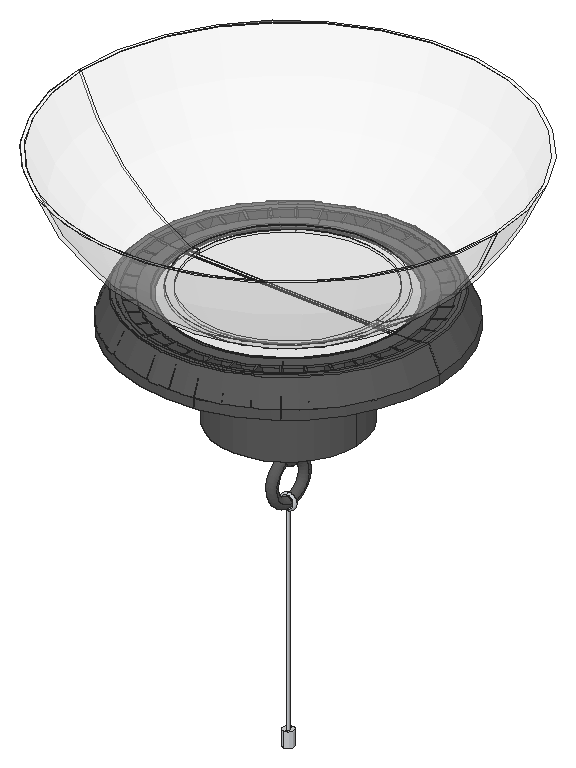
Revit family "0039351+0039358 Feilo Sylvania Lighting Fixture START HIGHBAY 6K 19KLM WIDE with PC LAMPSHADE TRANSPARENT 13_19KLM", category Lighting Fixtures, host Face, Revit 2017
Family settings
  Host = Face
  Round Connector Dimension = Use Diameter
  Part Type = Normal
  OmniClass Number = 23.80.70.00
  OmniClass Title = Lighting
  Cut with Voids When Loaded = No
  Light Source = Yes
  Shared = No
  Room Calculation Point = No
Parameters (values of type "0039351+0039358 START HIGHBAY 6K 19KLM WIDE PC LAMPSHADE TRANSPARENT 13/19KLM")
  WidthStraight_FEILO = if(SizeS_FEILO, 3 mm, if(SizeM_FEILO, 4 mm, 4.7 mm))  # 4 mm
  WidthRingChamfer_FEILO = if(SizeS_FEILO, 10.3 mm, if(SizeM_FEILO, 11.2 mm, 12.9 mm))  # 11.2 mm
  WidthCurved_FEILO = if(SizeS_FEILO, 17.4 mm, if(SizeM_FEILO, 16.4 mm, 26.2 mm))  # 16.4 mm
  WidthCurvedRing_FEILO = if(SizeS_FEILO, 3 mm, if(SizeM_FEILO, 4 mm, 4.7 mm))  # 4 mm
  WidthBracket_FEILO = 40 mm
  Weight = "3.4 kg"
  Wattage Comments = ""
  Wattage = 150 W
  WarrantyStartDate [instance] = "n/a"
  WarrantyGuarantorParts = "n/a"
  WarrantyDurationUnit = "n/a"
  WarrantyDurationParts = "n/a"
  WarrantyDescription = "n/a"
  built-in parameter 1150110 = 1 (stored number, unit not read)
  Voltage = 230 V
  VisibilityBracket_FEILO = no
  URL = "http://www.sylvania-lighting.com"
  TypeName = "START HIGHBAY 6K 19KLM WIDE PC LAMPSHADE TRANSPARENT 13/19KLM"
  Type Image = <None>
  Type Comments = "n/a"
  built-in parameter 1114217 = 1 (stored number, unit not read)
  Tilt Angle = -90.00°
  ThicknessWall_FEILO = 1.5 mm
  ThicknessBracket_FEILO = 1.5 mm
  ThicknessBracketHalf_FEILO = ThicknessBracket_FEILO / 2  # 0.75 mm
  built-in parameter 1150109 = 1 (stored number, unit not read)
  built-in parameter 1150134 = 1
  SuspensionHeight_FEILO [instance] = 400 mm
  built-in parameter 1150113 = 1 (stored number, unit not read)
  SizeS_FEILO = no
  SizeM_FEILO = yes
  ShadeThickness_FEILO = 3 mm
  ShadeSizeSM_FEILO = or(SizeS_FEILO, SizeM_FEILO)  # yes
  ShadeRadiusOut_FEILO = 205 mm
  ShadeRadiusIn_FEILO = if(ShadeSizeSM_FEILO, 95 mm, 121 mm)  # 95 mm
  ShadeRadiusBend_FEILO = if(ShadeSizeSM_FEILO, 210 mm, 210 mm)  # 210 mm
  ShadeHeight_FEILO = if(ShadeSizeSM_FEILO, 120 mm, 151 mm)  # 120 mm
  SerialNumber [instance] = "n/a"
  Rib4_FEILO = if(SizeS_FEILO, 18.1 mm, if(SizeM_FEILO, 13.6 mm, 14.6 mm))  # 13.6 mm
  Rib3_FEILO = if(SizeS_FEILO, 15.3 mm, if(SizeM_FEILO, 17.6 mm, 20.2 mm))  # 17.6 mm
  Rib2_FEILO = if(SizeS_FEILO, 3.6 mm, if(SizeM_FEILO, 3.9 mm, 4.5 mm))  # 3.9 mm
  Rib1_FEILO = if(SizeS_FEILO, 15.1 mm, if(SizeM_FEILO, 16.5 mm, 19 mm))  # 16.5 mm
  RadiusDiffuser_FEILO = if(SizeS_FEILO, 95.2 mm, if(SizeM_FEILO, 105.3 mm, 120 mm))  # 105.3 mm
  RadiusArrayPost_FEILO = DriverRadius_FEILO - 6 mm  # 61.2 mm
  RHRadius3_FEILO = if(SizeS_FEILO, 6.6 mm, if(SizeM_FEILO, 7.4 mm, 8.6 mm))  # 7.4 mm
  RHRadius2_FEILO = if(SizeS_FEILO, 11 mm, if(SizeM_FEILO, 12 mm, 14 mm))  # 12 mm
  RHRadius1_FEILO = if(SizeS_FEILO, 13.6 mm, if(SizeM_FEILO, 14.9 mm, 17.7 mm))  # 14.9 mm
  RHHeight4_FEILO = if(SizeS_FEILO, 7.3 mm, if(SizeM_FEILO, 8 mm, 9.2 mm))  # 8 mm
  RHHeight3_FEILO = if(SizeS_FEILO, 3.6 mm, if(SizeM_FEILO, 3.7 mm, 4.6 mm))  # 3.7 mm
  RHHeight2_FEILO = if(SizeS_FEILO, 2 mm, if(SizeM_FEILO, 2.2 mm, 2.6 mm))  # 2.2 mm
  RHHeight1_FEILO = if(SizeS_FEILO, 11.8 mm, if(SizeM_FEILO, 15.3 mm, 17.4 mm))  # 15.3 mm
  Photometric Web File = "0039351+0039358.ies"
  Material_5_FEILO = Shade-Sylvania-StartHighbay-PC
  Material_3_FEILO = LED-Sylvania-StartHighbay-Glow
  PowerFactor = 0.95
  PowerConsumption = "150 W"
  NominalLength = 296 mm
  NominalHeight = 177 mm
  NominalDepth = 296 mm
  Name = "START HIGHBAY 6K 19KLM WIDE PC LAMPSHADE TRANSPARENT 13/19KLM"
  ModelReference = Name  # "START HIGHBAY 6K 19KLM WIDE PC LAMPSHADE TRANSPARENT 13/19KLM"
  ModelNumber = "0039351+0039358"
  Model = Name  # "START HIGHBAY 6K 19KLM WIDE PC LAMPSHADE TRANSPARENT 13/19KLM"
  Material = "aluminium alloy housing, polycarbonate diffuser"
  ManufacturerName = "Feilo Sylvania"
  Manufacturer = "Feilo Sylvania"
  LuminousEfficacy = "130 lm/W"
  built-in parameter 1150105 = 10854.2 (stored number, unit not read)
  Lumens = 19500 lm
  LuminaireType = ""
  built-in parameter 1150115 = 1 (stored number, unit not read)
  LightOutputRatio = "n/a"
  built-in parameter 1150137 = (empty or 0)
  built-in parameter 1150139 = (empty or 0)
  LampsType = Lamp  # "LED"
  LampNominalLuminous = "19500 lm"
  LampMacAdamStep = "n/a"
  LampColourTemperature = "6500 K"
  LampColourRenderingIndex = "80"
  built-in parameter 1150112 = 1 (stored number, unit not read)
  built-in parameter 1150114 = 1 (stored number, unit not read)
  Lamp = "LED"
  Keynote = "16500"
  InstallationDate [instance] = "n/a"
  InputVoltage = "220-240V~"
  InputNominalFrequency = "50/60 Hz"
  built-in parameter 1150132 = (empty or 0)
  built-in parameter 1150102 = (empty or 0)
  built-in parameter 1150107 = 6500 (stored number, unit not read)
  built-in parameter 1150138 = (empty or 0)
  IngressProtection = "IP65"
  ImpactProtectionIndex = "IK08"
  built-in parameter 1150106 = 108.54 (stored number, unit not read)
  IfcExportType = "IfcLightFixtureType"
  IfcExportAs = "IfcLightFixtureType"
  HeightRing_FEILO = if(SizeS_FEILO, 19.8 mm, if(SizeM_FEILO, 32 mm, 36.8 mm))  # 32 mm
  HeightRingChamfer_FEILO = if(SizeS_FEILO, 11.7 mm, if(SizeM_FEILO, 23.2 mm, 26.6 mm))  # 23.2 mm
  EyeThickness_FEILO = if(SizeS_FEILO, 8.4 mm, if(SizeM_FEILO, 9.2 mm, 10.5 mm))  # 9.2 mm
  EyeThicknessHalf_FEILO = EyeThickness_FEILO / 2  # 4.6 mm
  EyeInner_FEILO = if(SizeS_FEILO, 13.8 mm, if(SizeM_FEILO, 15.1 mm, 17.3 mm))  # 15.1 mm
  ExpectedLife = 50000
  Emit from Circle Diameter = RadiusDiffuser_FEILO * 2  # 210.6 mm
  Emit Shape Visible in Rendering = no
  ElectricShockClassification = "Class I"
  built-in parameter 1150104 = 12.077 (stored number, unit not read)
  DurationUnit = "hours"
  DriverVerticalStraight_FEILO = if(SizeS_FEILO, 46.5 mm, if(SizeM_FEILO, 49.7 mm, 57 mm))  # 49.7 mm
  DriverVerticalChamfer_FEILO = if(SizeS_FEILO, 7.5 mm, if(SizeM_FEILO, 8.2 mm, 9.5 mm))  # 8.2 mm
  DriverRadius_FEILO = if(SizeS_FEILO, 61.4 mm, if(SizeM_FEILO, 67.2 mm, 76.4 mm))  # 67.2 mm
  DriverRadiusTop_FEILO = if(SizeS_FEILO, 42 mm, if(SizeM_FEILO, 45.3 mm, 52.4 mm))  # 45.3 mm
  DriverBottom_FEILO = if(SizeS_FEILO, 56 mm, if(SizeM_FEILO, 64.5 mm, 74 mm))  # 64.5 mm
  DocumentationLiterature = "http://www.sylvania-lighting.com/product/en-int/products/0039351"
  DimmingControlOptions = "n/a"
  Material_2_FEILO = Diffuser-Sylvania-StartHighbay-Transparent
  Radius_FEILO = if(SizeS_FEILO, 135 mm, if(SizeM_FEILO, 148 mm, 169.5 mm))  # 148 mm
  Dimming Lamp Color Temperature Shift = <None>
  DiameterWire_FEILO = 3 mm
  DiameterWireSupport_FEILO = 10 mm
  Description = "START HIGHBAY, includes 1 m cables, black aluminium housing, 19500LM, 150W, 130lm/W, 6500K, Driver current: 2140mA, CR80, 60° beam angle, 1-10V dimmable,  IP65, IK08, 50,000 hrs (L70B50), (LxWxH) 296x296x177mm"
  Default Elevation = 1219.2 mm
  CreatedOn = "2/28/2018"
  CreatedBy = ""
  Cost = 0
  Color Filter = 16777215
  built-in parameter 1114216 [instance] = (empty or 0)
  ClassificationValue = "EF_70_80"
  ClassificationName = "Uniclass2015"
  Material_1_FEILO = Body-Sylvania-StartHighbay-Black
  BarCode [instance] = "n/a"
  built-in parameter 1114218 = 1 (stored number, unit not read)
  built-in parameter 1150133 = 10 (stored number, unit not read)
  AssetType = "Fixed"
  AssetIdentifier [instance] = "n/a"
  Assembly Code = "D5020200"
  Apparent Load = 150 VA
  Material_4_FEILO = Shade-Sylvania-StartHighbay-PC
Reference planes
  plane 1 "Center (Front/Back)": y = 0
  plane 2: z = 0
  plane 3 "Center (Left/Right)": x = 0
  plane 4: z = 400
  plane 5: x = -148
  plane 6: x = -136.8
  plane 7: z = 376.8
  plane 8: z = 368
  plane 9: x = -132.8
  plane 10: z = 397.375
  plane 11: x = -116.4
  plane 12: x = -105.3
  plane 13: x = -128.8
  plane 14: z = 398.375
  plane 15: z = 396.375
  plane 16: x = -102.3
  plane 17: z = 395.375
  plane 18: x = -146.5
  plane 19: x = -131.5
  plane 20: z = 364.1
  plane 21: x = -113.9
  plane 22: z = 350.5
  plane 23: x = -20
  plane 24: z = 335.5
  plane 25: x = -67.2
  plane 26: z = 285.8
  plane 27: x = -45.3
  plane 28: z = 277.6
  plane 29: x = -14.9
  plane 30: z = 262.3
  plane 31: z = 260.1
  plane 32: x = -12
  plane 33: z = 256.4
  plane 34: z = 248.4
  plane 35: x = -7.4
  plane 36: z = 233.3
  plane 37: z = 218.2
  plane 38: x = 4.6
  plane 39: x = -4.6
  plane 40: z = 209
  plane 41: z = 213.6
  plane 42: x = -141.65
  plane 43: x = -145.5
  plane 44: z = 366.5
  plane 45: x = -135.3
  plane 46: z = 310.65
  plane 47: y = -20
  plane 48: y = 20
  plane 49: x = 148
  plane 50: x = 136.8
  plane 51: x = 146.5
  plane 52: x = 141.65
  plane 53: x = 145.5
  plane 54: x = 135.3
  plane 55: z = 221.2
  plane 56: y = 1.5
  plane 57: y = -1.5
  plane 58: z = 219.7
  plane 59: z = 207.5
  plane 60: z = 206
  plane 61: y = -5
  plane 62: y = 5
  plane 63: z = 14
  plane 64: x = -205
  plane 65: z = 520
  plane 66: x = -95
  plane 67: x = -87
  plane 68: x = -202
  plane 69: z = 403
Forms (mm)
  Revolve 1, solid, material "Body-Sylvania-StartHighbay-Black" <- "Material_1_FEILO", detail levels medium+fine
    sketch origin (0, 0, 0) x (1, 0, 0) y (0, 0, 1)
      loop
        line (-148, 368) -> (-146.5, 368) -> (-146.5, 376.457) -> (-136.402, 397.375) -> (-128.8, 397.375) -> (-128.8, 398.859)
        arc (-128.8, 398.859) -> (-130.811, 399.39) -> (-132.8, 400) r 52.543
        line (-132.8, 400) -> (-136.341, 400)
        arc (-136.341, 400) -> (-136.831, 399.825) -> (-137.099, 399.38) r 0.774
        line (-137.099, 399.38) -> (-148, 376.8) -> (-148, 368)
      axis (0, 400) -> (0, 368)
    angle from 360 to 0
  Revolve 2, solid, material "Body-Sylvania-StartHighbay-Black" <- "Material_1_FEILO", detail levels medium+fine
    sketch origin (0, 0, 0) x (1, 0, 0) y (0, 0, 1)
      loop
        line (-116.4, 395.375) -> (-105.3, 395.375) -> (-105.3, 376.8) -> (0, 376.8) -> (0, 395.375) -> (-102.3, 395.375) -> (-102.3, 396.375) -> (-105.3, 396.375) -> (-105.3, 397.375) -> (-116.4, 397.375) -> (-116.4, 395.375)
      axis (0, 397.375) -> (0, 376.8)
    angle from 360 to 0
  Revolve 3, solid, material "Diffuser-Sylvania-StartHighbay-Transparent" <- "Material_2_FEILO", detail levels medium+fine
    sketch origin (0, 0, 0) x (1, 0, 0) y (0, 0, 1)
      loop
        line (-105.3, 396.375) -> (0, 396.375) -> (0, 398.375) -> (-105.3, 398.375) -> (-105.3, 396.375)
      axis (0, 398.375) -> (0, 396.375)
    angle from 360 to 0
  Revolve 4, solid, material "Body-Sylvania-StartHighbay-Black" <- "Material_1_FEILO"
    sketch origin (0, 0, 0) x (1, 0, 0) y (0, 0, 1)
      loop
        line (-67.2, 350.5) -> (-67.2, 285.8) -> (-45.3, 277.6) -> (-14.9, 277.6) -> (-14.9, 262.3) -> (-12, 260.1) -> (-12, 256.4) -> (-7.837, 249.126)
        arc (-7.837, 249.126) -> (-7.29, 248.594) -> (-6.553, 248.4) r 1.5
        line (-6.553, 248.4) -> (0, 248.4) -> (0, 350.5) -> (-67.2, 350.5)
      axis (0, 350.5) -> (0, 248.4)
    angle from 360 to 0
  Revolve 5, solid, material "Body-Sylvania-StartHighbay-Black" <- "Material_1_FEILO"
    sketch origin (0, 0, 0) x (1, 0, 0) y (0, 0, 1)
      loop
        circle (0, 213.6) r 4.6
      axis (4.6, 233.3) -> (-4.6, 233.3)
    angle from 360 to 0
  Extrusion 6, solid, material "Body-Sylvania-StartHighbay-Black" <- "Material_1_FEILO", visible <- "VisibilityBracket_FEILO"
    sketch origin (0, 0, 0) x (1, 0, 0) y (0, 0, 1)
      loop
        line (-145.5, 368) -> (-145.5, 366.5) -> (-137.55, 366.5)
        arc (-137.55, 366.5) -> (-137.02, 366.28) -> (-136.8, 365.75) r 0.75
        line (-136.8, 365.75) -> (-136.8, 310.65) -> (-135.3, 310.65) -> (-135.3, 366.5)
        arc (-135.3, 366.5) -> (-135.739, 367.561) -> (-136.8, 368) r 1.5
        line (-136.8, 368) -> (-145.5, 368)
      loop
        line (145.5, 368) -> (136.8, 368)
        arc (136.8, 368) -> (135.739, 367.561) -> (135.3, 366.5) r 1.5
        line (135.3, 366.5) -> (135.3, 310.65) -> (136.8, 310.65) -> (136.8, 365.75)
        arc (136.8, 365.75) -> (137.02, 366.28) -> (137.55, 366.5) r 0.75
        line (137.55, 366.5) -> (145.5, 366.5) -> (145.5, 368)
    from -20 to 20
  Extrusion 7, void
    sketch origin (0, 0, 0) x (0, 1, 0) y (0, 0, 1)
      loop
        arc (-10, 310.65) -> (-17.071, 313.579) -> (-20, 320.65) r 10
        line (-20, 320.65) -> (-25, 320.65) -> (-25, 305.65) -> (-10, 305.65) -> (-10, 310.65)
      loop
        line (10, 310.65) -> (10, 305.65) -> (25, 305.65) -> (25, 320.65) -> (20, 320.65)
        arc (20, 320.65) -> (17.071, 313.579) -> (10, 310.65) r 10
    from -136.8 to 136.8
  Revolve 8, solid, material "Body-Sylvania-StartHighbay-Black" <- "Material_1_FEILO", detail levels coarse
    sketch origin (0, 0, 0) x (1, 0, 0) y (0, 0, 1)
      loop
        line (0, 400) -> (-136.8, 400) -> (-148, 376.8) -> (-148, 368) -> (-131.5, 368) -> (-131.5, 364.1) -> (-113.9, 350.5) -> (0, 350.5) -> (0, 400)
      axis (0, 400) -> (0, 350.5)
    angle from 360 to 0
  Revolve 9, solid
    sketch origin (0, 0, 0) x (0, 1, 0) y (0, 0, 1)
      loop
        circle (0, 219.7) r 1.5
      axis (1.5, 213.6) -> (-1.5, 213.6)
    angle from 360 to 0
  Revolve 10, solid
    sketch origin (0, 0, 0) x (0, 1, 0) y (0, 0, 1)
      loop
        line (0, 0) -> (0, 207.5) -> (-1.5, 207.5) -> (-1.5, 14) -> (-5, 14) -> (-5, 0) -> (0, 0)
      axis (0, 0) -> (0, 207.5)
    angle from 360 to 0
  Revolve 11, solid, material "Shade-Sylvania-StartHighbay-PC" <- "Material_4_FEILO"
    sketch origin (0, 0, 0) x (1, 0, 0) y (0, 0, 1)
      loop
        line (-95, 400) -> (-87, 400) -> (-87, 403) -> (-94.341, 403)
        arc (-94.341, 403) -> (-159.747, 450.78) -> (-201.81, 520) r 207
        line (-201.81, 520) -> (-205, 520)
        arc (-205, 520) -> (-162.101, 448.908) -> (-95, 400) r 210
      axis (0, 520) -> (0, 400)
    angle from 360 to 0
Cuts and joins
  Extrusion 7 cuts Extrusion 6
Lines and regions (mm)
  reference lines
    curve 1: line (-148, 0, 376.8) -> (-136.8, 0, 400)
    curve 2: line (-116.4, 0, 397.375) -> (0, 0, 397.375)
    curve 3: arc (-116.4, 0, 397.375) -> (-124.704, 0, 398.035) -> (-132.8, 0, 400) r 52.543
    curve 4: line (-136.8, 0, 400) -> (-132.8, 0, 400)
    curve 5: line (-136.402, 0, 397.375) -> (-146.5, 0, 376.457)
    curve 6: line (-131.5, 0, 364.1) -> (-113.9, 0, 350.5)
    curve 7: line (-12, 0, 256.4) -> (-7.4, 0, 248.4)
    curve 8: circle (0, 0, 213.6) r 4.6 normal (0, -1, 0)
    curve 9: arc (-95, 0, 400) -> (-162.101, 0, 448.908) -> (-205, 0, 520) r 210
Dimensions and locks
  "Radius_FEILO": plane 3 "Center (Left/Right)" to plane 5
  "WidthRingChamfer_FEILO": plane 6 to plane 5
  "WidthStraight_FEILO": plane 9 to plane 6
  "WidthCurvedRing_FEILO": plane 13 to plane 9
  locked: plane 10 to plane 15 at 1
  locked: plane 14 to plane 10 at 1
  locked: plane 4 to plane 10 at 2.625
  locked: plane 15 to plane 17 at 1
  "ThicknessWall_FEILO": plane 18 to plane 5
  "ThicknessWall_FEILO": curve 5 to curve 1
  "HeightRingChamfer_FEILO": plane 4 to plane 7
  "HeightRing_FEILO": plane 4 to plane 8
  "RadiusDiffuser_FEILO": plane 3 "Center (Left/Right)" to plane 12
  locked: plane 16 to plane 12 at 3
  "WidthCurved_FEILO": plane 11 to plane 9
  "SuspensionHeight_FEILO": plane 4 to plane 2
  "Rib1_FEILO": plane 19 to plane 5
  "Rib2_FEILO": plane 8 to plane 20
  "Rib3_FEILO": plane 21 to plane 19
  "Rib4_FEILO": plane 20 to plane 22
  locked: plane 3 "Center (Left/Right)" to plane 23 at 20
  "DriverBottom_FEILO": plane 4 to plane 24
  "DriverRadius_FEILO": plane 3 "Center (Left/Right)" to plane 25
  "DriverVerticalStraight_FEILO": plane 24 to plane 26
  "DriverRadiusTop_FEILO": plane 3 "Center (Left/Right)" to plane 27
  "DriverVerticalChamfer_FEILO": plane 26 to plane 28
  "RHRadius1_FEILO": plane 3 "Center (Left/Right)" to plane 29
  "RHHeight2_FEILO": plane 30 to plane 31
  "RHRadius2_FEILO": plane 3 "Center (Left/Right)" to plane 32
  "RHHeight3_FEILO": plane 31 to plane 33
  "RHHeight4_FEILO": plane 33 to plane 34
  "RHRadius3_FEILO": plane 3 "Center (Left/Right)" to plane 35
  "RHHeight1_FEILO": plane 28 to plane 30
  "EyeInner_FEILO": plane 34 to plane 36
  "EyeInner_FEILO": plane 36 to plane 37
  equal spacing: plane 38, plane 3 "Center (Left/Right)", plane 39
  "EyeThickness_FEILO": plane 38 to plane 39
  "EyeThickness_FEILO": plane 37 to plane 40
  equal spacing: plane 37, plane 41, plane 40
  equal spacing: plane 6, plane 42, plane 18
  "ThicknessBracket_FEILO": plane 45 to plane 6
  "ThicknessBracket_FEILO": plane 8 to plane 44
  locked: plane 43 to plane 18 at 1
  equal spacing: plane 24, plane 46, plane 26
  equal spacing: plane 47, plane 1 "Center (Front/Back)", plane 48
  "WidthBracket_FEILO": plane 47 to plane 48
  "WidthRingChamfer_FEILO": plane 50 to plane 49
  "ThicknessWall_FEILO": plane 51 to plane 49
  equal spacing: plane 50, plane 52, plane 51
  "ThicknessBracket_FEILO": plane 54 to plane 50
  locked: plane 53 to plane 51 at 1
  "Radius_FEILO": plane 49 to plane 3 "Center (Left/Right)"
  equal spacing: plane 57, imposter light, plane 56
  "DiameterWire_FEILO": plane 57 to plane 56
  "DiameterWire_FEILO": plane 37 to plane 55
  equal spacing: plane 37, plane 58, plane 55
  "DiameterWire_FEILO": plane 60 to plane 40
  equal spacing: plane 60, plane 59, plane 40
  equal spacing: plane 61, plane 1 "Center (Front/Back)", plane 62
  "DiameterWireSupport_FEILO": plane 61 to plane 62
  locked: plane 63 to plane 2 at 14
  "ShadeRadiusOut_FEILO": plane 3 "Center (Left/Right)" to plane 64
  "ShadeHeight_FEILO": plane 65 to plane 4
  "ShadeRadiusIn_FEILO": plane 3 "Center (Left/Right)" to plane 66
  locked: plane 67 to plane 66 at 8
  "ShadeThickness_FEILO": plane 69 to plane 4
  "ShadeThickness_FEILO": plane 68 to plane 64
  "EyeThicknessHalf_FEILO": radius of curve 8
  "ThicknessBracket_FEILO": radius of Extrusion 6 sketch curve  (x2)
  "ThicknessBracketHalf_FEILO": radius of Extrusion 6 sketch curve  (x2)
  "DiameterWire_FEILO": diameter of Revolve 9 sketch curve
  "ShadeRadiusBend_FEILO": radius of curve 9
  aligned and locked: plane 2 to host face
  aligned and locked: level to host face
  aligned and locked: plane 5 to curve 1
  aligned and locked: plane 6 to curve 1
  aligned and locked: plane 7 to curve 1
  aligned and locked: plane 10 to curve 2
  aligned and locked: plane 9 to curve 3
  aligned and locked: plane 4 to curve 3
  aligned and locked: plane 11 to curve 3
  aligned and locked: plane 4 to curve 4
  aligned and locked: plane 18 to curve 5
  aligned and locked: plane 10 to curve 5
  aligned and locked: Revolve 1 sketch curve to plane 3 "Center (Left/Right)"
  aligned and locked: Revolve 1 sketch curve to curve 3
  aligned and locked: Revolve 1 sketch curve to curve 1
  aligned and locked: plane 4 to Revolve 1 sketch curve
  aligned and locked: plane 9 to Revolve 1 sketch curve
  aligned and locked: Revolve 1 sketch curve to plane 13
  aligned and locked: Revolve 1 sketch curve to plane 10
  aligned and locked: plane 13 to Revolve 1 sketch curve
  aligned and locked: plane 10 to Revolve 1 sketch curve
  aligned and locked: Revolve 1 sketch curve to plane 18
  aligned and locked: Revolve 1 sketch curve to plane 8
  aligned and locked: plane 5 to Revolve 1 sketch curve  (x2)
  aligned and locked: Revolve 2 sketch curve to plane 3 "Center (Left/Right)"
  aligned and locked: plane 11 to Revolve 2 sketch curve
  aligned and locked: Revolve 2 sketch curve to curve 2
  aligned and locked: plane 15 to Revolve 2 sketch curve
  aligned and locked: Revolve 2 sketch curve to plane 16
  aligned and locked: plane 17 to Revolve 2 sketch curve  (x2)
  aligned and locked: Revolve 2 sketch curve to plane 12
  aligned and locked: plane 7 to Revolve 2 sketch curve
  aligned and locked: Revolve 3 sketch curve to plane 3 "Center (Left/Right)"
  aligned and locked: Revolve 3 sketch curve to plane 14
  aligned and locked: plane 3 "Center (Left/Right)" to Revolve 3 sketch curve
  aligned and locked: Revolve 3 sketch curve to plane 12
  aligned and locked: plane 15 to Revolve 3 sketch curve
  aligned and locked: Revolve 1 sketch curve to curve 5
  aligned and locked: plane 22 to curve 6
  aligned and locked: plane 21 to curve 6
  aligned and locked: plane 20 to curve 6
  aligned and locked: plane 19 to curve 6
  aligned and locked: plane 33 to curve 7
  aligned and locked: plane 32 to curve 7
  aligned and locked: plane 35 to curve 7
  aligned and locked: plane 34 to curve 7
  aligned and locked: Revolve 4 sketch curve to plane 3 "Center (Left/Right)"
  aligned and locked: Revolve 4 sketch curve to plane 25
  aligned and locked: plane 27 to Revolve 4 sketch curve
  aligned and locked: plane 28 to Revolve 4 sketch curve
  aligned and locked: plane 30 to Revolve 4 sketch curve
  aligned and locked: Revolve 4 sketch curve to plane 29
  aligned and locked: plane 31 to Revolve 4 sketch curve
  aligned and locked: Revolve 4 sketch curve to curve 7
  aligned and locked: Revolve 4 sketch curve to plane 32
  aligned and locked: plane 34 to Revolve 4 sketch curve
  aligned and locked: plane 3 "Center (Left/Right)" to Revolve 4 sketch curve
  aligned and locked: plane 3 "Center (Left/Right)" to curve 8
  aligned and locked: plane 41 to curve 8
  aligned and locked: Revolve 5 sketch curve to plane 36
  aligned and locked: Revolve 5 sketch curve to curve 8
  aligned and locked: plane 43 to Extrusion 6 sketch curve  (x2)
  aligned and locked: plane 8 to Extrusion 6 sketch curve  (x3)
  aligned and locked: Extrusion 6 sketch curve to plane 45
  aligned and locked: Extrusion 6 sketch curve to plane 46  (x2)
  aligned and locked: plane 6 to Extrusion 6 sketch curve
  aligned and locked: Extrusion 6 sketch curve to plane 44  (x2)
  aligned and locked: Extrusion 6 to plane 48
  aligned and locked: plane 47 to Extrusion 6
  aligned and locked: plane 53 to Extrusion 6 sketch curve
  aligned and locked: plane 50 to Extrusion 6 sketch curve
  aligned and locked: Extrusion 6 sketch curve to plane 54
  aligned and locked: Extrusion 7 sketch curve to Extrusion 7 sketch curve
  aligned and locked: Extrusion 7 to plane 6
  aligned and locked: Extrusion 7 to Extrusion 6
  aligned and locked: Revolve 4 sketch curve to plane 22
  aligned and locked: plane 23 to nested 1
  aligned and locked: plane 1 "Center (Front/Back)" to nested 1
  aligned and locked: Revolve 8 sketch curve to plane 3 "Center (Left/Right)"
  aligned and locked: Revolve 8 sketch curve to plane 4
  aligned and locked: plane 6 to Revolve 8 sketch curve
  aligned and locked: plane 4 to Revolve 8 sketch curve
  aligned and locked: plane 7 to Revolve 8 sketch curve
  aligned and locked: Revolve 8 sketch curve to plane 5
  aligned and locked: plane 8 to Revolve 8 sketch curve  (x2)
  aligned and locked: Revolve 8 sketch curve to plane 19
  aligned and locked: plane 20 to Revolve 8 sketch curve
  aligned and locked: plane 19 to Revolve 8 sketch curve
  aligned and locked: plane 21 to Revolve 8 sketch curve
  aligned and locked: plane 22 to Revolve 8 sketch curve  (x2)
  aligned and locked: Revolve 8 sketch curve to Revolve 8 sketch curve
  aligned and locked: imposter light to plane 4
  aligned and locked: plane 3 "Center (Left/Right)" to imposter light
  aligned and locked: imposter light to plane 1 "Center (Front/Back)"
  aligned and locked: Revolve 9 sketch curve to plane 41
  aligned and locked: Revolve 10 sketch curve to plane 1 "Center (Front/Back)"
  aligned and locked: plane 1 "Center (Front/Back)" to Revolve 10 sketch curve  (x2)
  aligned and locked: host face to Revolve 10 sketch curve
  aligned and locked: plane 63 to Revolve 10 sketch curve
  aligned and locked: Revolve 10 sketch curve to plane 61
  aligned and locked: Revolve 10 sketch curve to plane 57
  aligned and locked: plane 59 to Revolve 10 sketch curve
  aligned and locked: plane 64 to curve 9
  aligned and locked: plane 65 to curve 9
  aligned and locked: plane 66 to curve 9
  aligned and locked: plane 4 to curve 9
  aligned and locked: Revolve 11 sketch curve to curve 9
  aligned and locked: plane 67 to Revolve 11 sketch curve
  aligned and locked: plane 66 to Revolve 11 sketch curve
  aligned and locked: plane 65 to Revolve 11 sketch curve  (x2)
  aligned and locked: Revolve 11 sketch curve to plane 67
  aligned and locked: plane 69 to Revolve 11 sketch curve
Automatic sketch dimensions
  host sketch curve to host sketch curve = 2438.4 mm  (x2)
  Revolve 1 sketch curve to plane 6 = 0.299 mm
  plane 6 to Revolve 1 sketch curve = 0.459 mm
  Revolve 1 sketch curve to level = 609.6 mm
  Revolve 1 sketch curve to Revolve 1 sketch curve = 2312.223 mm
  Revolve 2 sketch curve to plane 12 = 0 mm
  Revolve 2 sketch curve to plane 3 "Center (Left/Right)" = 0 mm
  Revolve 2 sketch curve to level = 609.6 mm
  Revolve 2 sketch curve to plane 4 = 2339.058 mm
  Revolve 3 sketch curve to level = 609.6 mm
  Revolve 3 sketch curve to plane 4 = 2339.058 mm
  Revolve 5 sketch curve to plane 5 = 1080 mm
  plane 38 to Revolve 5 sketch curve = 1219.2 mm
  Extrusion 7 sketch curve to plane 47 = 0 mm
  plane 46 to Extrusion 7 sketch curve = 0 mm  (x2)
  Extrusion 7 sketch curve to plane 48 = 0 mm
  plane 47 to Extrusion 7 sketch curve = 5 mm
  plane 1 "Center (Front/Back)" to Extrusion 7 sketch curve = 10 mm
  Extrusion 7 sketch curve to Extrusion 7 sketch curve = 10 mm
  plane 46 to Extrusion 7 sketch curve = 5 mm
  Extrusion 7 sketch curve to Extrusion 7 sketch curve = 5 mm
  Extrusion 7 sketch curve to plane 48 = 5 mm
  Revolve 4 sketch curve to plane 26 = 0 mm
  Revolve 4 sketch curve to plane 35 = 0.437 mm
  plane 35 to Revolve 4 sketch curve = 0.847 mm
  Revolve 4 sketch curve to plane 34 = 0.726 mm
  plane 40 to Revolve 4 sketch curve = 590.2 mm
  Revolve 4 sketch curve to plane 4 = 2339.058 mm
  Revolve 8 sketch curve to level = 609.6 mm
  Revolve 8 sketch curve to Revolve 8 sketch curve = 2386.058 mm
  Revolve 9 sketch curve to plane 1 "Center (Front/Back)" = 0 mm
  plane 58 to Revolve 9 sketch curve = 0 mm
  plane 47 to Revolve 9 sketch curve = 2534.941 mm
  Revolve 9 sketch curve to plane 48 = 2077.409 mm
  Revolve 10 sketch curve to Revolve 10 sketch curve = 609.6 mm
  Revolve 10 sketch curve to plane 4 = 2123.807 mm
  curve 2 to plane 3 "Center (Left/Right)" = 0 mm
  Revolve 11 sketch curve to Revolve 11 sketch curve = 0 mm  (x2)
  Revolve 11 sketch curve to plane 3 "Center (Left/Right)" = 0 mm
  plane 66 to Revolve 11 sketch curve = 0.659 mm
  Revolve 11 sketch curve to level = 609.6 mm
  Revolve 11 sketch curve to Revolve 11 sketch curve = 2068.248 mm
Nested families
  nested 1: "Start Highbay Rib" at (0, 0, 397.375), type "Type Name", detail levels medium+fine
    with SuspensionHeight_FEILO 2.6 mm
  nested 2: "Start Highbay Rib" at (0, 0, 397.375) x (0.9877, 0.1564, 0) z (0, 0, 1), type "Type Name", detail levels medium+fine
    with SuspensionHeight_FEILO 2.6 mm
  nested 3: "Start Highbay Rib" at (0, 0, 397.375) x (0.9511, 0.309, 0) z (0, 0, 1), type "Type Name", detail levels medium+fine
    with SuspensionHeight_FEILO 2.6 mm
  nested 4: "Start Highbay Rib" at (0, 0, 397.375) x (0.891, 0.454, 0) z (0, 0, 1), type "Type Name", detail levels medium+fine
    with SuspensionHeight_FEILO 2.6 mm
  nested 5: "Start Highbay Rib" at (0, 0, 397.375) x (0.809, 0.5878, 0) z (0, 0, 1), type "Type Name", detail levels medium+fine
    with SuspensionHeight_FEILO 2.6 mm
  nested 6: "Start Highbay Rib" at (0, 0, 397.375) x (0.7071, 0.7071, 0) z (0, 0, 1), type "Type Name", detail levels medium+fine
    with SuspensionHeight_FEILO 2.6 mm
  nested 7: "Start Highbay Rib" at (0, 0, 397.375) x (0.5878, 0.809, 0) z (0, 0, 1), type "Type Name", detail levels medium+fine
    with SuspensionHeight_FEILO 2.6 mm
  nested 8: "Start Highbay Rib" at (0, 0, 397.375) x (0.454, 0.891, 0) z (0, 0, 1), type "Type Name", detail levels medium+fine
    with SuspensionHeight_FEILO 2.6 mm
  nested 9: "Start Highbay Rib" at (0, 0, 397.375) x (0.309, 0.9511, 0) z (0, 0, 1), type "Type Name", detail levels medium+fine
    with SuspensionHeight_FEILO 2.6 mm
  nested 10: "Start Highbay Rib" at (0, 0, 397.375) x (0.1564, 0.9877, 0) z (0, 0, 1), type "Type Name", detail levels medium+fine
    with SuspensionHeight_FEILO 2.6 mm
  nested 11: "Start Highbay Rib" at (0, 0, 397.375) x (0, 1, 0) z (0, 0, 1), type "Type Name", detail levels medium+fine
    with SuspensionHeight_FEILO 2.6 mm
  nested 12: "Start Highbay Rib" at (0, 0, 397.375) x (-0.1564, 0.9877, 0) z (0, 0, 1), type "Type Name", detail levels medium+fine
    with SuspensionHeight_FEILO 2.6 mm
  nested 13: "Start Highbay Rib" at (0, 0, 397.375) x (-0.309, 0.9511, 0) z (0, 0, 1), type "Type Name", detail levels medium+fine
    with SuspensionHeight_FEILO 2.6 mm
  nested 14: "Start Highbay Rib" at (0, 0, 397.375) x (-0.454, 0.891, 0) z (0, 0, 1), type "Type Name", detail levels medium+fine
    with SuspensionHeight_FEILO 2.6 mm
  nested 15: "Start Highbay Rib" at (0, 0, 397.375) x (-0.5878, 0.809, 0) z (0, 0, 1), type "Type Name", detail levels medium+fine
    with SuspensionHeight_FEILO 2.6 mm
  nested 16: "Start Highbay Rib" at (0, 0, 397.375) x (-0.7071, 0.7071, 0) z (0, 0, 1), type "Type Name", detail levels medium+fine
    with SuspensionHeight_FEILO 2.6 mm
  nested 17: "Start Highbay Rib" at (0, 0, 397.375) x (-0.809, 0.5878, 0) z (0, 0, 1), type "Type Name", detail levels medium+fine
    with SuspensionHeight_FEILO 2.6 mm
  nested 18: "Start Highbay Rib" at (0, 0, 397.375) x (-0.891, 0.454, 0) z (0, 0, 1), type "Type Name", detail levels medium+fine
    with SuspensionHeight_FEILO 2.6 mm
  nested 19: "Start Highbay Rib" at (0, 0, 397.375) x (-0.9511, 0.309, 0) z (0, 0, 1), type "Type Name", detail levels medium+fine
    with SuspensionHeight_FEILO 2.6 mm
  nested 20: "Start Highbay Rib" at (0, 0, 397.375) x (-0.9877, 0.1564, 0) z (0, 0, 1), type "Type Name", detail levels medium+fine
    with SuspensionHeight_FEILO 2.6 mm
  nested 21: "Start Highbay Rib" at (0, 0, 397.375) x (-1, 0, 0) z (0, 0, 1), type "Type Name", detail levels medium+fine
    with SuspensionHeight_FEILO 2.6 mm
  nested 22: "Start Highbay Rib" at (0, 0, 397.375) x (-0.9877, -0.1564, 0) z (0, 0, 1), type "Type Name", detail levels medium+fine
    with SuspensionHeight_FEILO 2.6 mm
  nested 23: "Start Highbay Rib" at (0, 0, 397.375) x (-0.9511, -0.309, 0) z (0, 0, 1), type "Type Name", detail levels medium+fine
    with SuspensionHeight_FEILO 2.6 mm
  nested 24: "Start Highbay Rib" at (0, 0, 397.375) x (-0.891, -0.454, 0) z (0, 0, 1), type "Type Name", detail levels medium+fine
    with SuspensionHeight_FEILO 2.6 mm
  nested 25: "Start Highbay Rib" at (0, 0, 397.375) x (-0.809, -0.5878, 0) z (0, 0, 1), type "Type Name", detail levels medium+fine
    with SuspensionHeight_FEILO 2.6 mm
  nested 26: "Start Highbay Rib" at (0, 0, 397.375) x (-0.7071, -0.7071, 0) z (0, 0, 1), type "Type Name", detail levels medium+fine
    with SuspensionHeight_FEILO 2.6 mm
  nested 27: "Start Highbay Rib" at (0, 0, 397.375) x (-0.5878, -0.809, 0) z (0, 0, 1), type "Type Name", detail levels medium+fine
    with SuspensionHeight_FEILO 2.6 mm
  nested 28: "Start Highbay Rib" at (0, 0, 397.375) x (-0.454, -0.891, 0) z (0, 0, 1), type "Type Name", detail levels medium+fine
    with SuspensionHeight_FEILO 2.6 mm
  nested 29: "Start Highbay Rib" at (0, 0, 397.375) x (-0.309, -0.9511, 0) z (0, 0, 1), type "Type Name", detail levels medium+fine
    with SuspensionHeight_FEILO 2.6 mm
  nested 30: "Start Highbay Rib" at (0, 0, 397.375) x (-0.1564, -0.9877, 0) z (0, 0, 1), type "Type Name", detail levels medium+fine
    with SuspensionHeight_FEILO 2.6 mm
  nested 31: "Start Highbay Rib" at (0, 0, 397.375) x (0, -1, 0) z (0, 0, 1), type "Type Name", detail levels medium+fine
    with SuspensionHeight_FEILO 2.6 mm
  nested 32: "Start Highbay Rib" at (0, 0, 397.375) x (0.1564, -0.9877, 0) z (0, 0, 1), type "Type Name", detail levels medium+fine
    with SuspensionHeight_FEILO 2.6 mm
  nested 33: "Start Highbay Rib" at (0, 0, 397.375) x (0.309, -0.9511, 0) z (0, 0, 1), type "Type Name", detail levels medium+fine
    with SuspensionHeight_FEILO 2.6 mm
  nested 34: "Start Highbay Rib" at (0, 0, 397.375) x (0.454, -0.891, 0) z (0, 0, 1), type "Type Name", detail levels medium+fine
    with SuspensionHeight_FEILO 2.6 mm
  nested 35: "Start Highbay Rib" at (0, 0, 397.375) x (0.5878, -0.809, 0) z (0, 0, 1), type "Type Name", detail levels medium+fine
    with SuspensionHeight_FEILO 2.6 mm
  nested 36: "Start Highbay Rib" at (0, 0, 397.375) x (0.7071, -0.7071, 0) z (0, 0, 1), type "Type Name", detail levels medium+fine
    with SuspensionHeight_FEILO 2.6 mm
  nested 37: "Start Highbay Rib" at (0, 0, 397.375) x (0.809, -0.5878, 0) z (0, 0, 1), type "Type Name", detail levels medium+fine
    with SuspensionHeight_FEILO 2.6 mm
  nested 38: "Start Highbay Rib" at (0, 0, 397.375) x (0.891, -0.454, 0) z (0, 0, 1), type "Type Name", detail levels medium+fine
    with SuspensionHeight_FEILO 2.6 mm
  nested 39: "Start Highbay Rib" at (0, 0, 397.375) x (0.9511, -0.309, 0) z (0, 0, 1), type "Type Name", detail levels medium+fine
    with SuspensionHeight_FEILO 2.6 mm
  nested 40: "Start Highbay Rib" at (0, 0, 397.375) x (0.9877, -0.1564, 0) z (0, 0, 1), type "Type Name", detail levels medium+fine
    with SuspensionHeight_FEILO 2.6 mm
Connectors
  electrical at (0, 0, 0), driven by "Apparent Load", driven by "PowerFactor", driven by "Voltage"
    settings: index 1, voltage 230 V, apparent load 150 VA, apparent load phase1 0 VA, apparent load phase2 0 VA, apparent load phase3 0 VA, power factor 0.95, load classification "Lighting", number of poles 1, system type 30, power factor state 1, is connector primary yes, connector utility no, sub classification motor no, connector description ""
Definition of nested family "Start Highbay Rib"
  Parameters (values of type "Type Name")
    WidthStraight_FEILO = if(SizeS_FEILO, 3 mm, if(SizeM_FEILO, 4 mm, 4.7 mm))  # 3 mm
    WidthRingChamfer_FEILO = if(SizeS_FEILO, 10.3 mm, if(SizeM_FEILO, 11.2 mm, 12.9 mm))  # 10.3 mm
    WidthCurved_FEILO = if(SizeS_FEILO, 17.4 mm, if(SizeM_FEILO, 16.4 mm, 26.2 mm))  # 17.4 mm
    WidthCurvedRing_FEILO = if(SizeS_FEILO, 3 mm, if(SizeM_FEILO, 4 mm, 4.7 mm))  # 3 mm
    WidthBracket_FEILO = 40 mm
    URL = "http://www.feilosylvania.com"
    Type Image = (empty or 0)
    Type Comments = "n/a"
    ThicknessWall_FEILO = 1.5 mm
    ThicknessBracket_FEILO = 1.5 mm
    ThicknessBracketHalf_FEILO = ThicknessBracket_FEILO / 2  # 0.75 mm
    SuspensionHeight_FEILO [instance] = 2.6 mm
    SizeS_FEILO = yes
    SizeM_FEILO = no
    Rib4_FEILO = if(SizeS_FEILO, 18.1 mm, if(SizeM_FEILO, 13.6 mm, 14.6 mm))  # 18.1 mm
    Rib3_FEILO = if(SizeS_FEILO, 15.3 mm, if(SizeM_FEILO, 17.6 mm, 20.2 mm))  # 15.3 mm
    Rib2_FEILO = if(SizeS_FEILO, 3.6 mm, if(SizeM_FEILO, 3.9 mm, 4.5 mm))  # 3.6 mm
    Rib1_FEILO = if(SizeS_FEILO, 15.1 mm, if(SizeM_FEILO, 16.5 mm, 19 mm))  # 15.1 mm
    RadiusRib_FEILO = 2 mm
    RadiusDiffuser_FEILO = if(SizeS_FEILO, 95.2 mm, if(SizeM_FEILO, 105.3 mm, 120 mm))  # 95.2 mm
    RHRadius3_FEILO = if(SizeS_FEILO, 6.6 mm, if(SizeM_FEILO, 7.4 mm, 8.6 mm))  # 6.6 mm
    RHRadius2_FEILO = if(SizeS_FEILO, 11 mm, if(SizeM_FEILO, 12 mm, 14 mm))  # 11 mm
    RHRadius1_FEILO = if(SizeS_FEILO, 13.6 mm, if(SizeM_FEILO, 14.9 mm, 17.7 mm))  # 13.6 mm
    RHHeight4_FEILO = if(SizeS_FEILO, 7.3 mm, if(SizeM_FEILO, 8 mm, 9.2 mm))  # 7.3 mm
    RHHeight3_FEILO = if(SizeS_FEILO, 3.6 mm, if(SizeM_FEILO, 3.7 mm, 4.6 mm))  # 3.6 mm
    RHHeight2_FEILO = if(SizeS_FEILO, 2 mm, if(SizeM_FEILO, 2.2 mm, 2.6 mm))  # 2 mm
    RHHeight1_FEILO = if(SizeS_FEILO, 11.8 mm, if(SizeM_FEILO, 15.3 mm, 17.4 mm))  # 11.8 mm
    Material_3_FEILO = none
    Model = ""
    Manufacturer = "Feilo Sylvania"
    Keynote = "16500"
    HeightRing_FEILO = if(SizeS_FEILO, 19.8 mm, if(SizeM_FEILO, 32 mm, 36.8 mm))  # 19.8 mm
    HeightRingChamfer_FEILO = if(SizeS_FEILO, 11.7 mm, if(SizeM_FEILO, 23.2 mm, 26.6 mm))  # 11.7 mm
    EyeThickness_FEILO = if(SizeS_FEILO, 8.4 mm, if(SizeM_FEILO, 9.2 mm, 10.5 mm))  # 8.4 mm
    EyeThicknessHalf_FEILO = EyeThickness_FEILO / 2  # 4.2 mm
    EyeInner_FEILO = if(SizeS_FEILO, 13.8 mm, if(SizeM_FEILO, 15.1 mm, 17.3 mm))  # 13.8 mm
    DriverVerticalStraight_FEILO = if(SizeS_FEILO, 46.5 mm, if(SizeM_FEILO, 49.7 mm, 57 mm))  # 46.5 mm
    DriverVerticalChamfer_FEILO = if(SizeS_FEILO, 7.5 mm, if(SizeM_FEILO, 8.2 mm, 9.5 mm))  # 7.5 mm
    DriverRadius_FEILO = if(SizeS_FEILO, 61.4 mm, if(SizeM_FEILO, 67.2 mm, 76.4 mm))  # 61.4 mm
    DriverRadiusTop_FEILO = if(SizeS_FEILO, 42 mm, if(SizeM_FEILO, 45.3 mm, 52.4 mm))  # 42 mm
    DriverBottom_FEILO = if(SizeS_FEILO, 56 mm, if(SizeM_FEILO, 64.5 mm, 74 mm))  # 56 mm
    Material_2_FEILO = none
    Radius_FEILO = if(SizeS_FEILO, 135 mm, if(SizeM_FEILO, 148 mm, 169.5 mm))  # 135 mm
    Description = ""
    Default Elevation = 1219.2 mm
    Cost = 0
    Material_1_FEILO = none
    Assembly Code = "D5020200"
    Material_4_FEILO = none
  Reference planes
    plane 1 "Center (Front/Back)": y = 0
    plane 2: z = 0
    plane 3 "Center (Left/Right)": x = 0
    plane 4: z = 2.6
    plane 5: x = -135
    plane 6: x = -124.7
    plane 7: z = -9.1
    plane 8: z = -17.2
    plane 9: x = -121.7
    plane 10: z = -0.025
    plane 11: x = -104.3
    plane 12: x = -95.2
    plane 13: x = -118.7
    plane 14: z = 0.975
    plane 15: z = -1.025
    plane 16: x = -92.2
    plane 17: z = -2.025
    plane 18: x = -133.5
    plane 19: x = -119.9
    plane 20: z = -20.8
    plane 21: x = -104.6
    plane 22: z = -38.9
    plane 23: x = -20
    plane 24: z = -53.4
    plane 25: x = -61.4
    plane 26: z = -99.9
    plane 27: x = -42
    plane 28: z = -107.4
    plane 29: x = -13.6
    plane 30: z = -119.2
    plane 31: z = -121.2
    plane 32: x = -11
    plane 33: z = -124.8
    plane 34: z = -132.1
    plane 35: x = -6.6
    plane 36: z = -145.9
    plane 37: z = -159.7
    plane 38: x = 4.2
    plane 39: x = -4.2
    plane 40: z = -168.1
    plane 41: z = -163.9
    plane 42: x = -129.1
    plane 43: x = -132.5
    plane 44: z = -18.7
    plane 45: x = -123.2
    plane 46: z = -76.65
    plane 47: y = -20
    plane 48: y = 20
    plane 49: x = 135
    plane 50: x = 124.7
    plane 51: x = 133.5
    plane 52: x = 129.1
    plane 53: x = 132.5
    plane 54: x = 123.2
    plane 55: y = 0.75
    plane 56: y = -0.75
  Forms (mm)
    Extrusion 1, solid
      sketch origin (4.2, 0, 0) x (1, 0, 0) y (0, 1, 0)
        loop
          line (-1219.2, 1219.2) -> (-1219.2, -1219.2) -> (1219.2, -1219.2) -> (1219.2, 1219.2) -> (-1219.2, 1219.2)
      from 0 to -68.017
    Extrusion 2, solid, material <- "Material_1_FEILO"
      sketch origin (0, 0, 0) x (1, 0, 0) y (0, 0, 1)
        loop
          arc (-104.3, -0.025) -> (-111.555, 0.423) -> (-118.7, 1.76) r 58.981
          line (-118.7, 1.76) -> (-118.7, -0.025) -> (-125.012, -0.025) -> (-133.5, -9.666) -> (-133.5, -17.2) -> (-119.9, -17.2) -> (-119.9, -20.068)
          arc (-119.9, -20.068) -> (-119.778, -20.755) -> (-119.427, -21.359) r 2
          line (-119.427, -21.359) -> (-104.966, -38.467)
          arc (-104.966, -38.467) -> (-104.381, -38.789) -> (-103.723, -38.9) r 2
          line (-103.723, -38.9) -> (-20, -38.9) -> (-20, -9.1) -> (-95.2, -9.1) -> (-95.2, -2.025) -> (-104.3, -2.025) -> (-104.3, -0.025)
      from -0.75 to 0.75
  Lines and regions (mm)
    reference lines
      curve 1: line (-135, 0, -9.1) -> (-124.7, 0, 2.6)
      curve 2: line (-104.3, 0, -0.025) -> (0, 0, -0.025)
      curve 3: arc (-104.3, 0, -0.025) -> (-113.098, 0, 0.635) -> (-121.7, 0, 2.6) r 58.981
      curve 4: line (-124.7, 0, 2.6) -> (-121.7, 0, 2.6)
      curve 5: line (-125.012, 0, -0.025) -> (-133.5, 0, -9.666)
      curve 6: line (-119.9, 0, -20.8) -> (-104.6, 0, -38.9)
  Dimensions and locks
    "Radius_FEILO": plane 3 "Center (Left/Right)" to plane 5
    "WidthRingChamfer_FEILO": plane 6 to plane 5
    "WidthStraight_FEILO": plane 9 to plane 6
    "WidthCurvedRing_FEILO": plane 13 to plane 9
    locked: plane 10 to plane 15 at 1
    locked: plane 14 to plane 10 at 1
    locked: plane 4 to plane 10 at 2.625
    locked: plane 15 to plane 17 at 1
    "ThicknessWall_FEILO": plane 18 to plane 5
    "ThicknessWall_FEILO": curve 5 to curve 1
    "HeightRingChamfer_FEILO": plane 4 to plane 7
    "HeightRing_FEILO": plane 4 to plane 8
    "RadiusDiffuser_FEILO": plane 3 "Center (Left/Right)" to plane 12
    locked: plane 16 to plane 12 at 3
    "WidthCurved_FEILO": plane 11 to plane 9
    "SuspensionHeight_FEILO": plane 4 to plane 2
    "Rib1_FEILO": plane 19 to plane 5
    "Rib2_FEILO": plane 8 to plane 20
    "Rib3_FEILO": plane 21 to plane 19
    "Rib4_FEILO": plane 20 to plane 22
    locked: plane 3 "Center (Left/Right)" to plane 23 at 20
    "DriverBottom_FEILO": plane 4 to plane 24
    "DriverRadius_FEILO": plane 3 "Center (Left/Right)" to plane 25
    "DriverVerticalStraight_FEILO": plane 24 to plane 26
    "DriverRadiusTop_FEILO": plane 3 "Center (Left/Right)" to plane 27
    "DriverVerticalChamfer_FEILO": plane 26 to plane 28
    "RHRadius1_FEILO": plane 3 "Center (Left/Right)" to plane 29
    "RHHeight2_FEILO": plane 30 to plane 31
    "RHRadius2_FEILO": plane 3 "Center (Left/Right)" to plane 32
    "RHHeight3_FEILO": plane 31 to plane 33
    "RHHeight4_FEILO": plane 33 to plane 34
    "RHRadius3_FEILO": plane 3 "Center (Left/Right)" to plane 35
    "RHHeight1_FEILO": plane 28 to plane 30
    "EyeInner_FEILO": plane 34 to plane 36
    "EyeInner_FEILO": plane 36 to plane 37
    equal spacing: plane 38, plane 3 "Center (Left/Right)", plane 39
    "EyeThickness_FEILO": plane 38 to plane 39
    "EyeThickness_FEILO": plane 37 to plane 40
    equal spacing: plane 37, plane 41, plane 40
    equal spacing: plane 6, plane 42, plane 18
    "ThicknessBracket_FEILO": plane 45 to plane 6
    "ThicknessBracket_FEILO": plane 8 to plane 44
    locked: plane 43 to plane 18 at 1
    equal spacing: plane 24, plane 46, plane 26
    equal spacing: plane 47, plane 1 "Center (Front/Back)", plane 48
    "WidthBracket_FEILO": plane 47 to plane 48
    "WidthRingChamfer_FEILO": plane 50 to plane 49
    "ThicknessWall_FEILO": plane 51 to plane 49
    equal spacing: plane 50, plane 52, plane 51
    "ThicknessBracket_FEILO": plane 54 to plane 50
    locked: plane 53 to plane 51 at 1
    "Radius_FEILO": plane 49 to plane 3 "Center (Left/Right)"
    equal spacing: plane 56, plane 1 "Center (Front/Back)", plane 55
    "ThicknessWall_FEILO": plane 56 to plane 55
    "RadiusRib_FEILO": radius of Extrusion 2 sketch curve  (x2)
    aligned and locked: plane 2 to Extrusion 1
    aligned and locked: level to Extrusion 1
    aligned and locked: plane 5 to curve 1
    aligned and locked: plane 6 to curve 1
    aligned and locked: plane 7 to curve 1
    aligned and locked: plane 10 to curve 2
    aligned and locked: plane 9 to curve 3
    aligned and locked: plane 4 to curve 3
    aligned and locked: plane 11 to curve 3
    aligned and locked: plane 4 to curve 4
    aligned and locked: plane 18 to curve 5
    aligned and locked: plane 10 to curve 5
    aligned and locked: plane 22 to curve 6
    aligned and locked: plane 21 to curve 6
    aligned and locked: plane 20 to curve 6
    aligned and locked: plane 19 to curve 6
    aligned and locked: Extrusion 2 sketch curve to plane 23
    aligned and locked: Extrusion 2 sketch curve to plane 22
    aligned and locked: Extrusion 2 sketch curve to curve 6
    aligned and locked: plane 19 to Extrusion 2 sketch curve
    aligned and locked: Extrusion 2 sketch curve to plane 8
    aligned and locked: Extrusion 2 sketch curve to curve 5
    aligned and locked: Extrusion 2 sketch curve to curve 3
    aligned and locked: Extrusion 2 to plane 55
    aligned and locked: plane 56 to Extrusion 2
    aligned and locked: curve 6 to Extrusion 2 sketch curve
  Automatic sketch dimensions
    Extrusion 1 sketch curve to Extrusion 1 sketch curve = 2438.4 mm  (x2)
    curve 2 to plane 3 "Center (Left/Right)" = 0 mm
    Extrusion 2 sketch curve to plane 18 = 0 mm
    Extrusion 2 sketch curve to plane 10 = 0 mm
    Extrusion 2 sketch curve to plane 13 = 0 mm
    Extrusion 2 sketch curve to plane 7 = 0 mm
    Extrusion 2 sketch curve to plane 12 = 0 mm
    Extrusion 2 sketch curve to plane 17 = 0 mm
    plane 19 to Extrusion 2 sketch curve = 0.473 mm
    Extrusion 2 sketch curve to plane 21 = 0.366 mm
